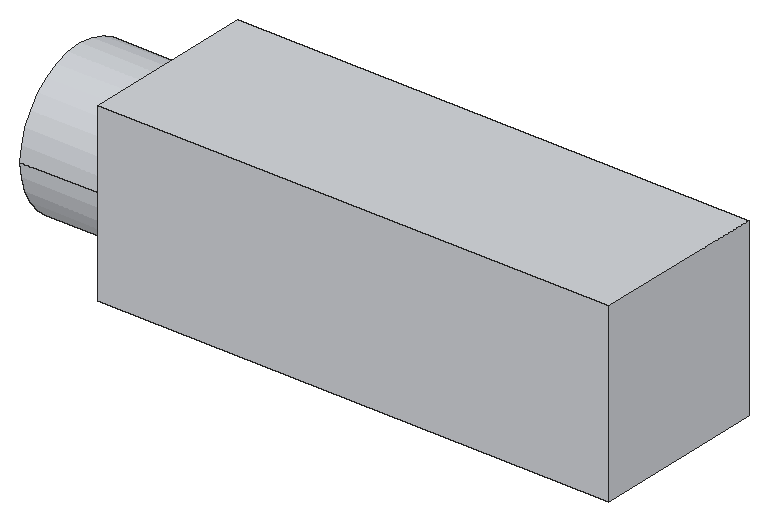
Revit family "e7d38d0387d740f0aaa216ac1af84461", category Conduit Fittings, Revit 2021
Family settings
  Round Connector Dimension = Use Radius
  Part Type = Cap
  OmniClass Number = 23.80.30.17.11
  OmniClass Title = Conduits
  Work Plane-Based = No
  Always vertical = Yes
  Cut with Voids When Loaded = No
  Shared = No
Parameters (values of type "Standard")
  Total Length [instance] = size_lookup(Conduit Size Lookup, "TLgt", 3.59 * Nominal Diameter + 2 253/256", Nominal Diameter)  # 4.337"
  Nominal Radius [instance] = 1/4"
  Nominal Diameter [instance] = Nominal Radius * 2  # 1/2"
  Fitting Outside Radius [instance] = Fitting Outside Diameter * 0.5  # 0.54"
  Fitting Outside Diameter [instance] = size_lookup(Conduit Size Lookup, "FOD", 1.14 * Nominal Diameter + 1/2", Nominal Diameter)  # 1.08"
  Default Elevation = 0' - 0"
  Conduit Size Lookup = "Conduit Body - Type E - PVC"
  Conduit Length [instance] = size_lookup(Conduit Size Lookup, "CLgt", 0.46 * Nominal Diameter + 115/256", Nominal Diameter)  # 0.639"
  Conduit Body Width [instance] = size_lookup(Conduit Size Lookup, "CBW", 1.34 * Nominal Diameter + 77/128", Nominal Diameter)  # 1.268"
Reference planes (in)
  plane 1 "Center (Front/Back)": y = 0
  plane 2: z = 0
  plane 3 "Center (Left/Right)": x = 0
  plane 4: y = 0.634
  plane 5: y = -0.634
  plane 6: z = 0.634
  plane 7: z = -0.634
  plane 8: x = 0.639
  plane 9: x = 4.337
Forms (in)
  Extrusion 1, solid
    sketch origin (0, 0, 0) x (1, 0, 0) y (0, 1, 0)
      loop
        line (0.639, 0.634) -> (0.639, -0.634) -> (4.337, -0.634) -> (4.337, 0.634) -> (0.639, 0.634)
    from -0.634 to 0.634
  Extrusion 2, solid, detail levels fine
    sketch origin (0, 0, 0) x (0, 1, 0) y (0, 0, 1)
      loop
        circle (0, 0) r 0.54
    from 0 to 0.639
Lines and regions (in)
  model lines, detail levels coarse+medium
    curve 1: line (0, 0, 0) -> (0.639, 0, 0)
Dimensions and locks (in)
  equal spacing: plane 4, plane 1 "Center (Front/Back)", plane 5
  "Conduit Body Width": plane 4 to plane 5
  equal spacing: plane 6, plane 2, plane 7
  "Conduit Body Width": plane 6 to plane 7
  "Conduit Length": plane 3 "Center (Left/Right)" to plane 8
  "Total Length": plane 3 "Center (Left/Right)" to plane 9
  "Fitting Outside Radius": radius of Extrusion 2 sketch curve
  aligned and locked: plane 8 to Extrusion 1 sketch curve
  aligned and locked: Extrusion 1 sketch curve to plane 9
  aligned and locked: Extrusion 1 sketch curve to plane 4
  aligned and locked: plane 5 to Extrusion 1 sketch curve
  aligned and locked: Extrusion 1 to plane 7
  aligned and locked: plane 6 to Extrusion 1
  aligned and locked: plane 2 to Extrusion 2 sketch curve
  aligned and locked: plane 1 "Center (Front/Back)" to Extrusion 2 sketch curve
  aligned and locked: Extrusion 2 to plane 3 "Center (Left/Right)"
  aligned and locked: plane 8 to Extrusion 2
  aligned and locked: plane 3 "Center (Left/Right)" to curve 1
  aligned and locked: plane 8 to curve 1
  aligned and locked: plane 1 "Center (Front/Back)" to curve 1
Connectors (in)
  cabletrayconduit at (0, 0, 0), diameter 0.5, driven by "Nominal Radius"
    settings: on Extrusion 2, index 1, connector width 1' - 0", connector height 1' - 0", connector angle 0.00°, system type 32, placement type 0, profile type 0, connector reference index -1, is primary connector yes, connector utility param no, connector description ""
